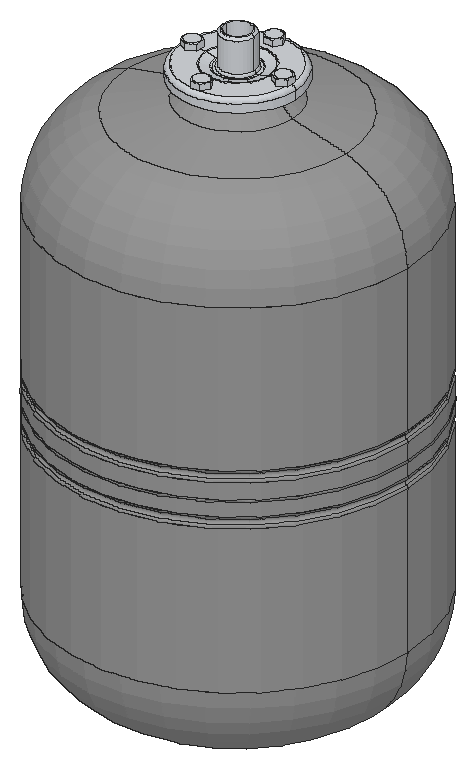
Revit family "WRV 24", category Оборудование, Revit 2014
Parameters
  Описание = "Мембранный бак для отопления V=24л, Py=5бар, 3/4\""
  Материал крышки = Черная резина
  Материал = Красная краска
  Масса кг = "4.25"
  Крышка [instance] = yes
  Комментарии к типоразмеру = "WRV 24"
  Изготовитель = "WESTER"  # constant formula
  URL = "http://www.wester.su/"
Reference planes
  plane 1 "По центру (Вперед/Назад)": y = 0
  plane 2: z = 0
  plane 3 "По центру (Влево/Вправо)": x = 0
Forms (mm)
  Revolve 1, solid, material "Красная краска" <- "Материал"
    sketch origin (-161.5, 0, 141.055) x (0, 0, -1) y (1, 0, 0)
      loop
        line (54.946, 301.504) -> (-66.13, 301.504)
        arc (-66.13, 301.504) -> (-67.394, 301.194) -> (-68.372, 300.336) r 2.737
        arc (-68.372, 300.336) -> (-70.479, 299.111) -> (-72.609, 300.295) r 2.465
        arc (-72.609, 300.295) -> (-73.595, 301.183) -> (-74.881, 301.504) r 2.741
        line (-74.881, 301.504) -> (-85.791, 301.504)
        arc (-85.791, 301.504) -> (-86.644, 301.772) -> (-87.497, 301.504) r 1.491
        line (-87.497, 301.504) -> (-100.112, 301.504)
        arc (-100.112, 301.504) -> (-101.399, 301.183) -> (-102.384, 300.295) r 2.741
        arc (-102.384, 300.295) -> (-104.515, 299.111) -> (-106.621, 300.336) r 2.465
        arc (-106.621, 300.336) -> (-107.6, 301.194) -> (-108.863, 301.504) r 2.737
        line (-108.863, 301.504) -> (-229.094, 301.504)
        arc (-229.094, 301.504) -> (-271.116, 287.497) -> (-296.331, 251.081) r 70.04
        arc (-296.331, 251.081) -> (-301.975, 228.735) -> (-305.976, 206.038) r 316.121
        line (-305.976, 206.038) -> (-321.443, 190.572) -> (-321.443, 161.5) -> (124.057, 161.5) -> (124.057, 168.355)
        arc (124.057, 168.355) -> (124.128, 168.929) -> (124.385, 169.448) r 1.727
        line (124.385, 169.448) -> (133.11, 181.457)
        arc (133.11, 181.457) -> (133.947, 183.297) -> (133.994, 185.319) r 5.05
        arc (133.994, 185.319) -> (129.842, 218.58) -> (122.141, 251.204) r 311.646
        arc (122.141, 251.204) -> (96.914, 287.536) -> (54.946, 301.504) r 70.032
      axis (-321.443, 161.5) -> (133.994, 161.5)
    angle from 0 to 360
  Revolve 2, solid
    sketch origin (0, 0, 193.939) x (1, 0, 0) y (0, 0, 1)
      loop
        line (0, 268.559) -> (47.492, 268.559) -> (47.492, 274.974)
        arc (47.492, 274.974) -> (46.496, 277.464) -> (44.023, 278.5) r 3.47
        line (44.023, 278.5) -> (26.157, 278.5)
        arc (26.157, 278.5) -> (25.726, 278.448) -> (25.304, 278.35) r 3.918
        line (25.304, 278.35) -> (17.835, 276.159)
        arc (17.835, 276.159) -> (17.456, 276.04) -> (17.06, 276) r 1.968
        line (17.06, 276) -> (14.531, 276)
        arc (14.531, 276) -> (14.187, 277.207) -> (13.224, 278.012) r 2.132
        line (13.224, 278.012) -> (13.224, 302.006) -> (11.23, 304) -> (10.273, 304) -> (10.273, 278.5) -> (0, 278.5) -> (0, 268.559)
      axis (0, 304) -> (0, 268.559)
    angle from 0 to 360
  Revolve 3, solid
    sketch origin (0, 0, 0) x (1, 0, 0) y (0, 0, 1)
      loop
        line (3.985, 0.986) -> (3.985, 12.498) -> (6.063, 12.498) -> (6.063, 16.998) -> (0, 16.998) -> (0, 3.844) -> (1.586, 3.844) -> (2.15, 3.281) -> (2.15, -0.002) -> (2.997, -0.002) -> (3.985, 0.986)
      axis (0, 16.998) -> (0, -0.002)
    angle from 0 to 360
  Revolve 4, solid, material "Черная резина" <- "Материал крышки", visible <- "Крышка"
    sketch origin (0, 0, 0) x (1, 0, 0) y (0, 0, 1)
      loop
        line (0, 16.998) -> (-6.855, 16.998) -> (-23.238, 5.527) -> (-16.15, -1.562) -> (0, -1.562) -> (0, 16.998)
      axis (0, 16.998) -> (0, -1.562)
    angle from 0 to 360
Dimensions and locks
  aligned and locked: level to plane 2
Nested families
  nested 1: "Болт" at (-37.492, 0, 472.498) x (0, -1, 0) z (0, 0, 1), type "Болт"
  nested 2: "Болт" at (0, 37.5, 472.498) x (-1, 0, 0) z (0, 0, 1), type "Болт"
  nested 3: "Болт" at (0, -37.5, 472.498) x (-1, 0, 0) z (0, 0, 1), type "Болт"
  nested 4: "Болт" at (37.508, 0, 472.498) x (0, -1, 0) z (0, 0, 1), type "Болт"
Connectors
  piping at (0, 0, 497.939), diameter 20
    settings: on Revolve 2, index 1, connector inside diameter 609.6 mm, connector length 0 mm, flow factor 0, pipe flow 0.0 L/s, pressure drop 0.0 Pa, fitting loss kfactor 0, connector angle 0.00°, fixture units 0, engagement length 0 mm, angle of deflection 0.00°, flow configuration 1, flow direction 1, fitting loss method 0, system type 29, joint type 0, gender type 0, connector reference index -1, connector utility 0, adjustable connector no, is connector primary yes, connector description ""
Definition of nested family "Болт"
  Parameters (values of type "Болт")
    Default Elevation = 1219.2 mm
  Reference planes
    plane 1 "По центру (Вперед/Назад)": y = 0
    plane 2: z = 0
    plane 3 "По центру (Влево/Вправо)": x = 0
  Forms (mm)
    Extrusion 1, solid
      sketch origin (0, 0, 0) x (1, 0, 0) y (0, 1, 0)
        loop
          line (-1219.2, 1219.2) -> (-1219.2, -1219.2) -> (1219.2, -1219.2) -> (1219.2, 1219.2) -> (-1219.2, 1219.2)
      from 0 to -304.8
    Extrusion 2, solid, detail levels medium+fine
      sketch origin (0, 0, 0) x (0, 1, 0) y (-1, 0, 0)
        loop
          line (-6.5, -3.753) -> (0, -7.506) -> (6.5, -3.753) -> (6.5, 3.753) -> (0, 7.506) -> (-6.5, 3.753) -> (-6.5, -3.753)
      from 0 to 5.3
    Extrusion 3, solid, detail levels medium+fine
      sketch origin (0, 0, 0) x (1, 0, 0) y (0, 1, 0)
        loop
          circle (0, 0) r 4
      from -14 to 0
    Revolve 4, void
      sketch origin (0, 0, 0) x (1, 0, 0) y (0, 0, 1)
        loop
          line (-7.506, 4.447) -> (-6.413, 5.3) -> (-7.506, 5.3) -> (-7.506, 4.447)
        axis (0, 5.3) -> (0, 4.3)
      angle from 0 to 360
    Revolve 5, void
      sketch origin (0, 0, 0) x (1, 0, 0) y (0, 0, 1)
        loop
          line (-4, -14) -> (-2.365, -14) -> (-4, -12.365) -> (-4, -14)
        axis (0, -12.365) -> (0, -14)
      angle from 0 to 360
  Cuts and joins
    Revolve 4 cuts Extrusion 2
    Revolve 5 cuts Extrusion 3
    joined: Extrusion 2, Extrusion 3
  Dimensions and locks
    aligned and locked: plane 2 to Extrusion 1
    aligned and locked: level to Extrusion 1
    aligned and locked: Revolve 4 sketch curve to plane 3 "По центру (Влево/Вправо)"
    aligned and locked: cut or joined group of Extrusion 2, Extrusion 3, Revolve 4, Revolve 5 to Revolve 4 sketch curve
